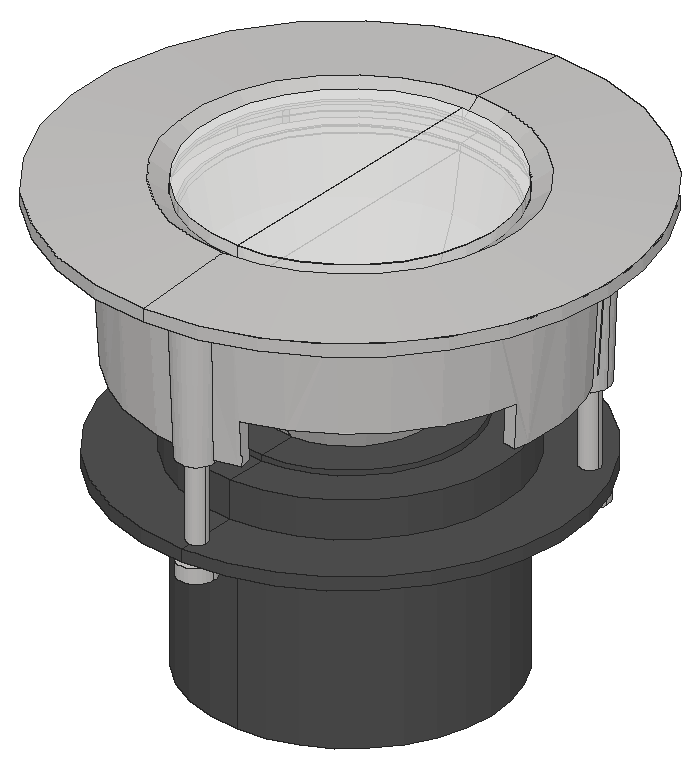
Revit family "Lighting-Luminii-Latona_1 (2)", category Lighting Fixtures, host Face, Revit 2024
Family settings
  Host = Face
  Round Connector Dimension = Use Diameter
  Part Type = Normal
  OmniClass Number = 23.80.70.11.14.11
  OmniClass Title = Downlights
  Cut with Voids When Loaded = No
  Light Source = Yes
  Maintain Annotation Orientation = No
  Shared = Yes
  Room Calculation Point = No
Parameters (values of type "Latona 1")
  Width = 3 51/128"  # constant formula
  Wattage Comments = "6.5W"
  Wattage = 6.49954 W
  Warranty URL = "https://www.luminii.com/terms-conditions/"
  built-in parameter 1150110 = 1 (stored number, unit not read)
  Voltage Comments = "120V | 277V | 347V"  # constant formula
  Voltage = 120 V
  Version = "2020 - v1.0a"  # constant formula
  URL = "https://www.luminii.com/"
  built-in parameter 1114217 = 1 (stored number, unit not read)
  Tilt Angle = -90.00°  # constant formula
  built-in parameter 1150109 = 1 (stored number, unit not read)
  built-in parameter 1150134 = (empty or 0)
  built-in parameter 1150113 = 1 (stored number, unit not read)
  Support Phone = "224-699-9545"  # constant formula
  Support Email = "mailto:support@bimsmith.com"
  Product Page URL = "Consult Manufacturer Website for more Information"
  Power Source Type = "Driver"  # constant formula
  Power Factor = 1
  Photometric Web File = "510-A90-660-35-07-00.ies"
  Phase = 1
  Operating Temperature = "Consult Manufacturer Website for more Information"  # constant formula
  Number of Poles = if(and(or(Voltage = 120 V, Voltage = 277 V), Phase = 1), 1, if(and(or(Voltage = 208 V, Voltage = 240 V), Phase = 1), 2, if(and(or(Voltage = 208 V, Voltage = 240 V), Phase = 3), 3, if(and(Voltage > 300 V, Phase = 1), 2, if(and(Voltage > 400 V, Phase = 3), 3, 1)))))  # 1
  Mounting Method = "Recessed Mount"  # constant formula
  Model = "510"  # constant formula
  Manufacturer Phone Number = "403-216-7043"  # constant formula
  Manufacturer Email = "mailto: info@sensolighting.com"
  Manufacturer Address = "302 50 Ave SE. Calgary, Alberta, T2G 2A9 Canada"  # constant formula
  Manufacturer = "Luminii"  # constant formula
  built-in parameter 1150105 = 55.704 (stored number, unit not read)
  Lumens = 700 lm
  Luminaire Type = "Recessed LED Downlight"  # constant formula
  built-in parameter 1150115 = 1 (stored number, unit not read)
  Load Classification = Lighting
  built-in parameter 1150137 = (empty or 0)
  built-in parameter 1150139 = (empty or 0)
  Lens Material = Plastic - Luminii - Frosted Lens
  built-in parameter 1150112 = 1 (stored number, unit not read)
  built-in parameter 1150114 = 1 (stored number, unit not read)
  Lamp Life = 1
  Lamp = "LED"  # constant formula
  Keynote = "26 51 00"
  built-in parameter 1150132 = 2
  built-in parameter 1150102 = (empty or 0)
  built-in parameter 1150107 = 3500 (stored number, unit not read)
  Initial Color Comments = "Perfomance based on 3500K Photometric Web File"  # constant formula
  built-in parameter 1150138 = (empty or 0)
  built-in parameter 1150106 = 0.55704 (stored number, unit not read)
  Housing Protection Rating = "Consult Manufacturer Website for more Information"  # constant formula
  Height = 2 25/32"  # constant formula
  Has Dimming = 1 = 1  # yes
  Has Battery Backup = 0 = 1  # no
  Frequency Comments = ""  # constant formula
  Frequency = 60 Hz
  Finish = Metal - Luminii - Silver Anodized Aluminum
  Environment = "Indoor"  # constant formula
  built-in parameter 1150104 = 10.006 (stored number, unit not read)
  Dimming Type = "Consult Manufacturer Website for more Information"  # constant formula
  Dimming Lamp Color Temperature Shift = <None>
  Description = "Recessed LED Downlight"  # constant formula
  Depth = 3 51/128"  # constant formula
  Default Elevation = 0"  # constant formula
  Current Amps = 50 A
  Copyright = "©2024 Luminii"  # constant formula
  Control Zone = "Consult Manufacturer Website for more Information"  # constant formula
  Control Type = "Consult Manufacturer Website for more Information"  # constant formula
  Constraints = 1  # constant formula
  Color Filter = 16777215
  built-in parameter 1114216 [instance] = 0  # (empty or 0)
  Reflector Finish = Metal - Luminii - Silver Anodized Aluminum
  built-in parameter 1140040 [instance] = 1 = 1  # 1
  CCT = "3500K"
  C Light Source Offset = 6.4"  # constant formula
  built-in parameter 1114218 = 1 (stored number, unit not read)
  built-in parameter 1150133 = 10 (stored number, unit not read)
  Assembly Code = "D5040.50"
  Apparent Load = Wattage / Power Factor  # 6.49954 VA
Reference planes (in)
  plane 1 "Center (Front/Back)": y = 0
  plane 2: z = 0
  plane 3 "Center (Left/Right)": x = 0
  plane 4: x = 0
  plane 5: x = 0
  plane 6: y = 1.69922
  plane 7: y = -1.69922
  plane 8: x = -1.69922
  plane 9: x = 1.69922
  plane 10: z = -2.72739
  plane 11: z = 0.13183
Forms (in)
  Extrusion 1, solid, material "Metal - Luminii - Silver Anodized Aluminum", not visible
    sketch origin (0, 0, 0) x (1, 0, 0) y (0, 1, 0)
      loop
        circle (0, 0) r 0.09012
    from -2.72739 to -2.67031
  Extrusion 2, void
    sketch origin (0, 1.24288, 2.36) x (0, 1, 0) y (-1, 0, 0)
      loop
        circle (-1.24288, 0) r 1.381
    from -5.08739 to -2.22817
Dimensions and locks (in)
  equal spacing: plane 4, plane 3 "Center (Left/Right)", plane 5
  equal spacing: plane 6, plane 1 "Center (Front/Back)", plane 7
  plane 4 to plane 5 = 0"
  "Width": plane 6 to plane 7
  equal spacing: plane 8, plane 3 "Center (Left/Right)", plane 9
  "Width": plane 8 to plane 9
  locked: plane 11 to host face at 0.13183
  locked: Extrusion 1 to plane 10 at 0.05708
  diameter of Extrusion 2 sketch curve = 2.762"
  aligned and locked: plane 2 to host face
  aligned and locked: plane 3 "Center (Left/Right)" to Extrusion 1 sketch curve
  aligned and locked: plane 1 "Center (Front/Back)" to Extrusion 1 sketch curve
  aligned and locked: imposter light to plane 3 "Center (Left/Right)"
  aligned and locked: imposter light to plane 1 "Center (Front/Back)"
  aligned and locked: plane 3 "Center (Left/Right)" to nested 1
  aligned and locked: plane 1 "Center (Front/Back)" to nested 1
  aligned and locked: imposter light to plane 11
  aligned and locked: plane 10 to Extrusion 1
  aligned and locked: plane 1 "Center (Front/Back)" to Extrusion 2 sketch curve
  aligned and locked: plane 5 to Extrusion 2 sketch curve
  aligned and locked: Extrusion 2 to plane 10
  aligned and locked: plane 11 to Extrusion 2
Automatic sketch dimensions
  host sketch curve to host sketch curve = 96"  (x2)
  radius of Extrusion 1 sketch curve = 0.09012"
Nested families (in)
  nested 1: "Nested - Lamp" at (0, 0, 0), type "Nested - Lamp"
Connectors (in)
  electrical at (0, 0, -2.72739), driven by "Number of Poles", driven by "Load Classification", driven by "Voltage", driven by "Apparent Load", driven by "Power Factor"
    settings: on Extrusion 1, index 1, voltage 120 V, apparent load 6.49954 VA, apparent load phase1 0 VA, apparent load phase2 0 VA, apparent load phase3 0 VA, power factor 1, load classification "Lighting", number of poles 1, system type 30, power factor state 1, is connector primary yes, connector utility no, sub classification motor no, connector description "Power Connection"
Definition of nested family "Nested - Lamp"
  Parameters (values of type "Nested - Lamp")
    Reflector = none
    Lens = none
    Finish = none
    Default Elevation = 0"
    Constraint = 1
  Reference planes (in)
    plane 1 "Center (Front/Back)": y = 0
    plane 2: z = 0
    plane 3 "Center (Left/Right)": x = 0
    plane 4: y = -3.80735
    plane 5: y = 2.63601
    plane 6: y = 1.02892
    plane 7: y = -1.58564
    plane 8 "F": y = -1.2576
    plane 9 "B": y = 0.61063
  Forms (in)
    Extrusion 1, solid
      sketch origin (0, 0, 0) x (1, 0, 0) y (0, 1, 0)
        loop
          line (-48, 48) -> (-48, -48) -> (48, -48) -> (48, 48) -> (-48, 48)
      from 0 to -12
    Revolve 2, solid
      sketch origin (0, 0, -0.42144) x (0, 1, 0) y (0, 0, 1)
        loop
          line (0, -0.78295) -> (0, -2.30595) -> (0.92561, -2.30595) -> (0.92561, -1.12485) -> (1.381, -1.12485) -> (1.381, -1.04414) -> (0.9873, -1.04414) -> (0.9873, -0.8142) -> (0.72835, -0.8142) -> (0.72835, -0.78295) -> (0, -0.78295)
        axis (0, -0.78295) -> (0, -2.30595)
      angle from 0 to 360
    Revolve 3, solid, material <- "Lens"
      sketch origin (0, 0, -0.42144) x (0, 1, 0) y (0, 0, 1)
        loop
          line (0.9252, 0.53066) -> (0, 0.53066) -> (0, 0.29444) -> (0.88613, 0.29444) -> (0.88613, 0.33381) -> (1.04316, 0.33381) -> (1.04316, 0.45507) -> (0.9252, 0.45507) -> (0.9252, 0.53066)
        axis (0, 0.53066) -> (0, 0.29444)
      angle from 0 to 360
    Revolve 4, solid, material <- "Finish"
      sketch origin (0, 0, -0.42144) x (0, 1, 0) y (0, 0, 1)
        loop
          line (1.69296, 0.42144) -> (1.69296, 0.49999)
          arc (1.69296, 0.49999) -> (1.36917, 0.52579) -> (1.045, 0.5461) r 19.19299
          line (1.045, 0.5461) -> (0.9327, 0.46747) -> (0.9327, 0.43622) -> (1.232, 0.43622) -> (1.19849, -0.52344) -> (1.28344, -0.52344) -> (1.33984, 0.42144) -> (1.69296, 0.42144)
        axis (0, 0.5461) -> (0, -0.52344)
      angle from 0 to 360
    Revolve 5, solid, material <- "Reflector"
      sketch origin (0, 0, -0.42144) x (0, 1, 0) y (0, 0, 1)
        loop
          line (0.97638, 0.33381) -> (0.90508, 0.33381)
          arc (0.90508, 0.33381) -> (0.76828, -0.24024) -> (0.47389, -0.7517) r 2.05389
          line (0.47389, -0.7517) -> (0, -0.7517) -> (0, -0.78295) -> (0.47713, -0.78295)
          arc (0.47713, -0.78295) -> (0.77444, -0.2717) -> (0.91685, 0.30232) r 2.09286
          line (0.91685, 0.30232) -> (0.97638, 0.30232) -> (0.97638, 0.33381)
        axis (0, 0.33381) -> (0, -0.78295)
      angle from 0 to 360
    Extrusion 6, void
      sketch origin (-1.08041, -4.51384, 0) x (1, 0, 0) y (0, 1, 0)
        loop
          arc (1.52482, 5.87366) -> (0.69608, 5.89175) -> (-0.00497, 5.44941) r 1.43815
          line (-0.00497, 5.44941) -> (0.25128, 5.22665)
          arc (0.25128, 5.22665) -> (0.78682, 5.56455) -> (1.4199, 5.55074) r 1.0986
          line (1.4199, 5.55074) -> (1.52482, 5.87366)
        loop
          line (2.49671, 4.25617) -> (2.16233, 4.31513)
          arc (2.16233, 4.31513) -> (1.87731, 3.74967) -> (1.32754, 3.43545) r 1.0986
          line (1.32754, 3.43545) -> (1.40392, 3.10461)
          arc (1.40392, 3.10461) -> (2.12361, 3.51595) -> (2.49671, 4.25617) r 1.43815
      from -1.00808 to -0.66929
    Revolve 7, solid, material <- "Finish", detail levels medium+fine
      sketch origin (0, -1.2576, 0) x (-1, 0, 0) y (0, 0, 1)
        loop
          line (0.15393, 0) -> (0, 0) -> (0, -1.70399)
          arc (0, -1.70399) -> (0.0598, -1.69372) -> (0.11402, -1.66649) r 0.20607
          line (0.11402, -1.66649) -> (0.11402, -1.57853) -> (0.06176, -1.57853) -> (0.06176, -0.97712) -> (0.11981, -0.97712) -> (0.15393, 0)
        axis (0, -1.70399) -> (0, 0)
      angle from 0 to 360
    Revolve 8, solid, material <- "Finish", detail levels medium+fine
      sketch origin (0, 0.61063, 0) x (-1, 0, 0) y (0, 0, 1)
        loop
          line (1.23338, 0) -> (1.07944, 0) -> (1.07944, -1.70399)
          arc (1.07944, -1.70399) -> (1.13924, -1.69372) -> (1.19346, -1.66649) r 0.20607
          line (1.19346, -1.66649) -> (1.19346, -1.57853) -> (1.1412, -1.57853) -> (1.1412, -0.97712) -> (1.19925, -0.97712) -> (1.23338, 0)
        axis (1.07944, -1.70399) -> (1.07944, 0)
      angle from 0 to 360
    Revolve 9, solid, material <- "Finish", detail levels medium+fine
      sketch origin (0, 0.61063, 0) x (1, 0, 0) y (0, 0, 1)
        loop
          line (1.23338, 0) -> (1.07944, 0) -> (1.07944, -1.70399)
          arc (1.07944, -1.70399) -> (1.13924, -1.69372) -> (1.19346, -1.66649) r 0.20607
          line (1.19346, -1.66649) -> (1.19346, -1.57853) -> (1.1412, -1.57853) -> (1.1412, -0.97712) -> (1.19925, -0.97712) -> (1.23338, 0)
        axis (1.07944, -1.70399) -> (1.07944, 0)
      angle from 0 to 360
  Cuts and joins
    Extrusion 6 cuts Revolve 4
  Dimensions and locks (in)
    locked: plane 6 to plane 9 "B" at 0.41829
    locked: plane 8 "F" to plane 7 at 0.32803
    aligned and locked: plane 2 to Extrusion 1
    aligned and locked: level to Extrusion 1
